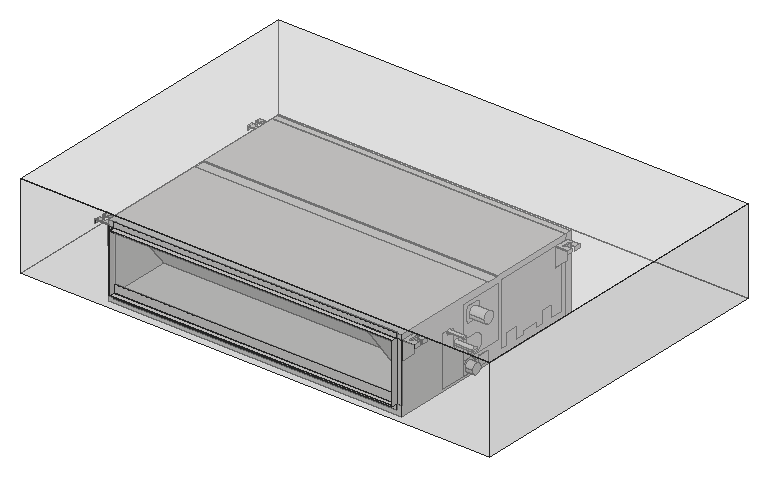
Revit family "outputfile", category 機械設備, Revit 2024
Family settings
  丸型コネクタ寸法 = 半径を使用
  パーツ タイプ = 標準
  OmniClass 番号 = 23.75.10.24.21.27.27
  OmniClass タイトル = Split System Air Conditioning Units
  作業面ベース = いいえ
  常に垂直 = はい
  ロード時にボイドで切り取り = いいえ
  注釈の向きを維持 = いいえ
  共有 = いいえ
  部屋計算ポイント = はい
Parameters (values of type "FDMFC71AV1M")
  Description = ""
  書き出し IFC クラス(タイプ) = "IfcUnitaryEquipmentType"
  定義済み IFC タイプ(タイプ) = "AIRCONDITIONINGUNIT"
  Cost = 0
  Type Comments = ""
  Keynote = ""
  Type Image = (empty or 0)
  Assembly Code = ""
  switch_frequency = yes
  connector_voltage = Voltage_50Hz  # 230 V
  connector_powerinput = [Power Input (Cooling)]  # 0.000 kW
  connector_phase = Phase_50Hz  # 1
  URL = ""
  Supply Air Direction [instance] = yes
  製造元 = "Daikin"
  モデル = "FDMFC71AV1M"
  w_pipe = 33 mm
  r_Liquid Pipe Size = Liquid Pipe Size / 2  # 4.75 mm
  r_Gas Pipe Size = Gas Pipe Size / 2  # 7.95 mm
  r_Drain Pipe Size = Drain Pipe Size / 2  # 16.0 mm
  lw_powersupply = Width / 2  # 500 mm
  lw_ductflange2 = 962 mm
  lw_Width = 962 mm
  lh_suctionflange [instance] = 100 mm
  ld_suctionflange [instance] = 190 mm
  ld_powersupply = 263 mm
  angle_vertical_RA [instance] = 90.00°
  angle horizontal_RA [instance] = 180.00°
  Voltage_comment_50Hz = "220 - 240"
  Voltage_50Hz = 230 V
  Sound Power Level_H speed (dB) = 0
  RA_length = 190 mm  # constant formula
  Phase_50Hz = 1
  Minimum External Static Pressure = 17.00 Pa
  Minimum Circuit Amps_50Hz = 0.0 A
  Maximum Fuse Amps_50Hz = 0.0 A
  Maximum External Static Pressure = 50.00 Pa
  Material_Casing = DAIKIN_GalvanizedSteel_Casing_indoorunit
  lw_liquidpipe = 557.9 mm
  lw_gaspipe = 567.5 mm
  lw_mountinghole_pitch = 1046 mm
  lw_mountinghole = 20 mm
  lw_drainpipe = 526 mm
  lh_powersupply = 43.2 mm
  lh_liquidpipe = 175 mm
  lh_gaspipe = 128 mm
  lh_mountinghole = Height + [h***] - 15 mm  # 235 mm
  lh_drainpipe = 29 mm
  lh_antena = (Height - lh_mountinghole) + 1 mm  # 16 mm
  ld_liquidpipe = 153 mm
  ld_gaspipe = 123 mm
  ld_mountinghole_pitch = 651 mm
  ld_drainpipe = 64 mm
  ld_controlbox = 626 mm
  h*** = 0 mm  # constant formula
  d_dischargeflange = 20 mm  # constant formula
  Width = 1000 mm
  Version = "ver.1.0"
  Unit Type = "Duct (M.S.P)"
  Unit Mass Weight = 31.00 kg
  Unit Designation [instance] = ""
  Uniclass2015Version = "Products v1.30"
  Uniclass2015Title = "Split coil room air conditioning units"
  Uniclass2015Code = "Pr_70_65_03_86"
  Total Cooling Capacity [instance] = 0.000 kW
  Sound Pressure Level_M speed (dBA) = 38
  Sound Pressure Level_L speed (dBA) = 35
  Sound Pressure Level_H speed (dBA) = 41
  Series = "SkyAir_Fan Coil Unit"
  Sensible Cooling Capacity [instance] = 0.000 kW
  SA Duct Size Width = 962 mm
  SA Duct Size Height = 200 mm
  Refrigerant Type = "R32"
  RA Duct Size Width = 962 mm
  RA Duct Size Height = 214 mm
  Power Input (Cooling) = 0.000 kW
  Option Accessory 3 [instance] = ""
  Option Accessory 2 [instance] = ""
  Option Accessory 1 [instance] = ""
  Nominal Cooling Capacity = 7.100 kW
  Minimum Airflow = 1190.00 m³/h
  Median Airflow = 1380.00 m³/h
  Maximum Airflow = 1610.00 m³/h
  Load Classification = HVAC
  Liquid Pipe Size = 9.5 mm
  Link_Nested Family [instance] = ""
  IfcVersion = ""
  IfcExportType = "AIRCONDITIONINGUNIT"
  IfcExportAs = "IfcUnitaryEquipmentType"
  Height = 250 mm
  Heat Exchanger Type = "Cross Fin Coil"
  Gas Pipe Size = 15.9 mm
  Frequency_50Hz = 50 Hz
  Fan Type = "Sirocco Fan"
  Fan Drive = "Direct Drive"
  FCU Tag No. [instance] = ""
  Drain Pipe Size = 32.0 mm
  Design Supply Airflow [instance] = 0.00 m³/h
  Design Return Airflow [instance] = 0.00 m³/h
  Design External Static Pressure [instance] = 0.00 Pa
  Depth = 700 mm
  既定の高さ = 0 mm
  Cooling Entering Wet Bulb Temperature [instance] = 0.00 °C
  Cooling Entering Dry Bulb Temperature [instance] = 0.00 °C
  Cooling Ambient Wet Bulb Temperature [instance] = 0.00 °C
  Cooling Ambient Dry Bulb Temperature [instance] = 0.00 °C
  Clearance visibility [instance] = yes
  Clearance Top = 20 mm
  Clearance Right = 300 mm
  Clearance Rear = 400 mm
  Clearance Left = 300 mm
  Clearance Front = 0 mm
  Clearance Bottom = 20 mm
Reference planes
  plane 1 "Center (Front/Back)": y = 0
  plane 2: z = 0
  plane 3 "Center (Left/Right)": x = 0
  plane 4 "Back": y = 350
  plane 5 "Front": y = -350
  plane 6 "Left": x = -500
  plane 7 "Right": x = 500
  plane 8 "Top": z = 0
  plane 9 "Bottom": z = -250
  plane 10: x = 481
  plane 11: x = -480.2
  plane 12: z = -72
  plane 13: z = -75
  plane 14: z = -122
  plane 15: x = -304
  plane 16: x = 304
  plane 17: x = -523
  plane 18: x = 523
  plane 19: x = 557.9
  plane 20: x = 567.5
  plane 21: z = -15
  plane 22 "Clearance Left": x = -800
  plane 23 "Clearance Right": x = 800
  plane 24 "Clearance Rear": y = 750
  plane 25 "Clearance Front": y = -350
  plane 26 "Clearance Bottom": z = -270
  plane 27: z = -21
  plane 28: z = -221
  plane 29: y = -123
  plane 30: y = -153
  plane 31: y = -30
  plane 32: y = -64
  plane 33: z = -118
  plane 34: y = -349.2
  plane 35: z = -150
  plane 36: y = 160
  plane 37: z = -151
  plane 38: x = 526
  plane 39: x = 495
  plane 40: x = 365.5
  plane 41: z = 102.5
  plane 42: y = 325.5
  plane 43: y = -325.5
  plane 44: y = 17.5
  plane 45: y = 57
  plane 46: x = 503.2
  plane 47: x = 505.2
  plane 48: y = -370
  plane 49: y = 390
  plane 50: z = -125
  plane 51: z = -70.5
  plane 52: z = -75.133
  plane 53: z = -75.5
  plane 54: z = -126.5
  plane 55: z = -239.8
  plane 56: z = -22.5
  plane 57: z = -192.5
  plane 58: z = -16
  plane 59 "Clearance Top": z = 20
  plane 60: z = -206.8
  plane 61: y = 263
  plane 62: y = -200
  plane 63: y = -300
  plane 64: y = -140
Forms (mm)
  Extrusion 1, solid, material "DAIKIN_GalvanizedSteel_Casing_indoorunit" <- "Material_Casing"
    sketch origin (0, 0, 0) x (1, 0, 0) y (0, 1, 0)
      loop
        line (-500, -349.2) -> (500, -349.2) -> (500, 350) -> (-500, 350) -> (-500, -349.2)
    from -250 to 0
  Extrusion 2, void
    sketch origin (0, 0, 1) x (1, 0, 0) y (0, 1, 0)
      loop
        line (-500, 57) -> (-500, 17.5) -> (500, 17.5) -> (500, 57) -> (-500, 57)
    from -1 to -5
  Extrusion 3, void
    sketch origin (0, 0, 0) x (0, 1, 0) y (0, 0, 1)
      loop
        line (-91.914, -222) -> (-91.914, -246.5) -> (-36.314, -246.5) -> (-36.314, -219.481)
        arc (-36.314, -219.481) -> (-65.261, -194.229) -> (-91.8, -222) r 27.8
    from 500 to 495
  Revolve 4, solid, material "DAIKIN_GalvanizedSteel_Casing_indoorunit" <- "Material_Casing"
    sketch origin (0, 0, -122) x (0, -1, 0) y (1, 0, 0)
      loop
        line (115.05, 500) -> (123, 500) -> (123, 567.5) -> (115.05, 567.5) -> (115.05, 500)
      axis (123, 500) -> (123, 567.5)
    angle from 0 to 360
  Revolve 5, solid, material "DAIKIN_GalvanizedSteel_Casing_indoorunit" <- "Material_Casing"
    sketch origin (0, 0, -75) x (0, -1, 0) y (1, 0, 0)
      loop
        line (153, 500) -> (153, 557.9) -> (148.25, 557.9) -> (148.25, 500) -> (153, 500)
      axis (153, 557.9) -> (153, 500)
    angle from 0 to 360
  Extrusion 6, solid, material "DAIKIN_GalvanizedSteel_Casing_indoorunit" <- "Material_Casing"
    sketch origin (0, 0, 0) x (0, 1, 0) y (0, 0, 1)
      loop
        circle (-64, -221) r 16
    from 526 to 500
  Extrusion 7, solid, material "DAIKIN_GalvanizedSteel_Casing_indoorunit" <- "Material_Casing"
    sketch origin (0, 0, 0) x (0, 1, 0) y (0, 0, 1)
      loop
        line (-180, -70.5) -> (-180, -239.8) -> (-95, -239.8) -> (-95, -126.5) -> (-107, -126.5)
        arc (-107, -126.5) -> (-121.5, -141) -> (-136, -126.5) r 14.5
        line (-136, -126.5) -> (-136, -75.5) -> (-141.006, -75.5)
        arc (-141.006, -75.5) -> (-153.184, -87.131) -> (-165, -75.133) r 12
        line (-165, -75.133) -> (-165, -70.5) -> (-180, -70.5)
      loop
        line (-92, -22.5) -> (-92, -192.5) -> (54, -192.5) -> (54, -22.5) -> (-92, -22.5)
      loop
        line (71, -16) -> (71, -224.802) -> (87.805, -224.802) -> (87.805, -184.607) -> (134.195, -184.606) -> (134.195, -224.802) -> (161, -224.802) -> (161, -212.302) -> (221, -212.303) -> (221, -224.802) -> (239.805, -224.802) -> (239.805, -184.606) -> (286.195, -184.606) -> (286.195, -224.802) -> (321.994, -224.802) -> (321.994, -82) -> (298.5, -82) -> (298.5, -16) -> (71, -16)
    from 500 to 503.2
  Extrusion 8, solid, material "DAIKIN_GalvanizedSteel_Casing_indoorunit" <- "Material_Casing"
    sketch origin (0, 0, 0) x (0, 1, 0) y (0, 0, 1)
      loop
        line (-27.5, -74.5) -> (-27.5, -41.5)
        arc (-27.5, -41.5) -> (-30.136, -35.136) -> (-36.5, -32.5) r 9
        line (-36.5, -32.5) -> (-69.5, -32.5)
        arc (-69.5, -32.5) -> (-75.864, -35.136) -> (-78.5, -41.5) r 9
        line (-78.5, -41.5) -> (-78.5, -74.5)
        arc (-78.5, -74.5) -> (-75.864, -80.864) -> (-69.5, -83.5) r 9
        line (-69.5, -83.5) -> (-36.5, -83.5)
        arc (-36.5, -83.5) -> (-30.136, -80.864) -> (-27.5, -74.5) r 9
      loop
        arc (8, -234.5) -> (9.415, -233.914) -> (10.001, -232.499) r 2.001
        line (10.001, -232.499) -> (9.997, -206.503)
        arc (9.997, -206.503) -> (9.412, -205.091) -> (8, -204.506) r 1.997
        line (8, -204.506) -> (-25.997, -204.506)
        arc (-25.997, -204.506) -> (-27.415, -205.094) -> (-28.002, -206.511) r 2.005
        line (-28.002, -206.511) -> (-28.002, -232.499)
        arc (-28.002, -232.499) -> (-27.416, -233.914) -> (-26.001, -234.5) r 2.001
        line (-26.001, -234.5) -> (8, -234.5)
      loop
        arc (-77.358, -152.358) -> (-25.548, -177.591) -> (-59.394, -130.95) r 29.7
        arc (-59.394, -130.95) -> (-62.843, -131.688) -> (-66.339, -131.219) r 10.3
        line (-66.339, -131.219) -> (-72.946, -129.136)
        arc (-72.946, -129.136) -> (-80.627, -131.374) -> (-81.498, -139.327) r 7.2
        line (-81.498, -139.327) -> (-78.299, -145.472)
        arc (-78.299, -145.472) -> (-77.23, -148.833) -> (-77.358, -152.358) r 10.3
    from 500 to 505.2
  Extrusion 9, solid, material "DAIKIN_GalvanizedSteel_Casing_indoorunit" <- "Material_Casing"
    sketch origin (0, 0, 0) x (0, 1, 0) y (0, 0, 1)
      loop
        circle (-53, -58) r 18.9
    from 500 to 557.9
  Extrusion 10, void
    sketch origin (0, 0, 0) x (0, 1, 0) y (0, 0, 1)
      loop
        line (-350, -18.8) -> (-350, -217.2) -> (-200, -217.2) -> (-349.2, -18.8) -> (-350, -18.8)
    from -480.2 to 481
  Extrusion 11, void
    sketch origin (0, 0, 0) x (0, 1, 0) y (0, 0, 1)
      loop
        line (-350, -18.8) -> (-350, -217.2) -> (-140, -217.2) -> (-300, -18.8) -> (-350, -18.8)
    from -480.2 to 365.5
Cuts and joins
  Extrusion 2, Extrusion 3, Extrusion 10, Extrusion 11 cuts Extrusion 1
  joined: Extrusion 7, Extrusion 8, Extrusion 9
Dimensions and locks
  "Height": plane 8 "Top" to plane 9 "Bottom"
  equal spacing: plane 15, plane 3 "Center (Left/Right)", plane 16, locked at 304 each
  locked: plane 15 to plane 16 at 608
  equal spacing: plane 17, plane 3 "Center (Left/Right)", plane 18
  "lw_mountinghole_pitch": plane 17 to plane 18
  locked: plane 12 to plane 9 "Bottom" at 178
  "lh_liquidpipe": plane 13 to plane 9 "Bottom"
  "lh_gaspipe": plane 14 to plane 9 "Bottom"
  "lh_mountinghole": plane 21 to plane 9 "Bottom"
  equal spacing: plane 6 "Left", plane 3 "Center (Left/Right)", plane 7 "Right"
  "Width": plane 6 "Left" to plane 7 "Right"
  "Clearance Right": plane 7 "Right" to plane 23 "Clearance Right"
  "Clearance Left": plane 22 "Clearance Left" to plane 6 "Left"
  "Clearance Rear": plane 24 "Clearance Rear" to plane 4 "Back"
  "Clearance Front": plane 5 "Front" to plane 25 "Clearance Front"
  locked: plane 8 "Top" to plane 27 at 21
  "Depth": plane 4 "Back" to plane 5 "Front"
  equal spacing: plane 4 "Back", plane 1 "Center (Front/Back)", plane 5 "Front"
  "ld_suctionflange": plane 4 "Back" to plane 36
  locked: plane 37 to plane 9 "Bottom" at 99
  plane 7 "Right" to plane 40 = 134.5 mm
  "r_Gas Pipe Size": nested 6 to Revolve 4 sketch curve
  "r_Liquid Pipe Size": nested 5 to Revolve 5 sketch curve
  equal spacing: plane 42, plane 1 "Center (Front/Back)", plane 43
  "ld_mountinghole_pitch": plane 42 to plane 43
  locked: plane 33 to plane 9 "Bottom" at 132
  "lw_liquidpipe": plane 3 "Center (Left/Right)" to plane 19
  "lw_gaspipe": plane 3 "Center (Left/Right)" to plane 20
  "lw_drainpipe": plane 3 "Center (Left/Right)" to plane 38
  "ld_drainpipe": plane 32 to plane 1 "Center (Front/Back)"
  "ld_gaspipe": plane 29 to plane 1 "Center (Front/Back)"
  "ld_liquidpipe": plane 30 to plane 1 "Center (Front/Back)"
  "lh_drainpipe": plane 28 to plane 9 "Bottom"
  locked: plane 7 "Right" to plane 46 at 3.2
  locked: plane 46 to plane 47 at 2
  equal spacing: plane 8 "Top", plane 50, plane 9 "Bottom"
  plane 51 to plane 52 to plane 53 to plane 54 to plane 55 = 4.633 mm locked, 0.367 mm locked, 51 mm locked, 113.3 mm locked
  plane 8 "Top" to plane 56 to plane 57 = 22.5 mm locked, 170 mm locked
  locked: plane 8 "Top" to plane 58 at 16
  locked: plane 40 to plane 10 at 115.5
  locked: plane 17 to plane 11 at 42.8
  locked: plane 39 to plane 7 "Right" at 5
  "Clearance Top": plane 59 "Clearance Top" to plane 8 "Top"
  "Clearance Bottom": plane 9 "Bottom" to plane 26 "Clearance Bottom"
  "lh_powersupply": plane 60 to plane 9 "Bottom"
  "ld_powersupply": plane 61 to plane 1 "Center (Front/Back)"
  locked: plane 34 to plane 5 "Front" at 0.8
  locked: plane 5 "Front" to plane 48 at 20
  locked: plane 5 "Front" to plane 62 at 150
  plane 5 "Front" to plane 63 to plane 64 = 50 mm locked, 160 mm locked
  "r_Drain Pipe Size": radius of Extrusion 6 sketch curve
  aligned and locked: level to plane 2
  aligned and locked: Extrusion 1 to plane 9 "Bottom"
  aligned and locked: plane 8 "Top" to Extrusion 1
  aligned and locked: Revolve 4 sketch curve to Revolve 4 sketch curve
  aligned and locked: plane 19 to nested 5
  aligned and locked: nested 5 to plane 13
  aligned and locked: plane 18 to nested 2
  aligned and locked: plane 17 to nested 3
  aligned and locked: plane 17 to nested 4
  aligned and locked: nested 6 to plane 14
  aligned and locked: plane 29 to nested 6
  aligned and locked: plane 30 to nested 5
  aligned and locked: Extrusion 6 sketch curve to plane 32
  aligned and locked: plane 8 "Top" to Extrusion 2
  aligned and locked: plane 24 "Clearance Rear" to nested 11
  aligned and locked: plane 23 "Clearance Right" to nested 11
  aligned and locked: plane 22 "Clearance Left" to nested 11
  aligned and locked: nested 11 to plane 25 "Clearance Front"
  aligned and locked: plane 7 "Right" to cut or joined group of Extrusion 1, Extrusion 2, Extrusion 3, Extrusion 10, Extrusion 11  (x3)
  aligned and locked: cut or joined group of Extrusion 1, Extrusion 2, Extrusion 3, Extrusion 10, Extrusion 11 to plane 39
  aligned and locked: plane 38 to Extrusion 6
  aligned and locked: plane 20 to nested 6
  aligned and locked: plane 3 "Center (Left/Right)" to nested 12
  aligned and locked: plane 18 to nested 1
  aligned and locked: plane 32 to nested 7
  aligned and locked: nested 7 to plane 28
  aligned and locked: plane 38 to nested 7
  aligned and locked: nested 9 to plane 1 "Center (Front/Back)"
  aligned and locked: plane 3 "Center (Left/Right)" to nested 9
  aligned and locked: plane 33 to nested 8
  aligned and locked: level to plane 8 "Top"
  aligned and locked: nested 1 to plane 42
  aligned and locked: nested 2 to plane 43
  aligned and locked: nested 4 to plane 42
  aligned and locked: nested 3 to plane 43
  aligned and locked: nested 12 to plane 21
  aligned and locked: cut or joined group of Extrusion 1, Extrusion 2, Extrusion 3, Extrusion 10, Extrusion 11 to plane 34
  aligned and locked: nested 13 to plane 33
  aligned and locked: Extrusion 2 sketch curve to plane 6 "Left"
  aligned and locked: plane 7 "Right" to Extrusion 2 sketch curve
  aligned and locked: plane 44 to Extrusion 2 sketch curve
  aligned and locked: plane 45 to Extrusion 2 sketch curve
  aligned and locked: plane 3 "Center (Left/Right)" to nested 10
  aligned and locked: nested 10 to plane 4 "Back"
  aligned and locked: plane 46 to Extrusion 7
  aligned and locked: Extrusion 7 to plane 7 "Right"
  aligned and locked: Extrusion 8 to plane 7 "Right"
  aligned and locked: plane 47 to Extrusion 8
  aligned and locked: plane 19 to Extrusion 9
  aligned and locked: Extrusion 9 to plane 7 "Right"
  aligned and locked: nested 8 to plane 48
  aligned and locked: plane 49 to nested 14
  aligned and locked: nested 14 to plane 3 "Center (Left/Right)"
  aligned and locked: nested 14 to plane 50
  aligned and locked: plane 54 to Extrusion 7 sketch curve  (x2)
  aligned and locked: plane 52 to Extrusion 7 sketch curve
  aligned and locked: plane 56 to Extrusion 7 sketch curve
  aligned and locked: plane 57 to Extrusion 7 sketch curve
  aligned and locked: plane 58 to Extrusion 7 sketch curve
  aligned and locked: plane 3 "Center (Left/Right)" to nested 13
  aligned and locked: plane 59 "Clearance Top" to nested 11
  aligned and locked: nested 11 to plane 26 "Clearance Bottom"
  aligned and locked: plane 7 "Right" to nested 15
  aligned and locked: nested 15 to plane 60
  aligned and locked: plane 34 to nested 13
  aligned and locked: plane 5 "Front" to Extrusion 10 sketch curve
  aligned and locked: cut or joined group of Extrusion 1, Extrusion 2, Extrusion 3, Extrusion 10, Extrusion 11 to plane 11  (x2)
  aligned and locked: plane 10 to cut or joined group of Extrusion 1, Extrusion 2, Extrusion 3, Extrusion 10, Extrusion 11
  aligned and locked: Extrusion 11 sketch curve to plane 5 "Front"
  aligned and locked: plane 63 to Extrusion 11 sketch curve
  aligned and locked: plane 64 to Extrusion 11 sketch curve
  aligned and locked: cut or joined group of Extrusion 1, Extrusion 2, Extrusion 3, Extrusion 10, Extrusion 11 to plane 40
  aligned and locked: Extrusion 6 to plane 7 "Right"
  aligned and locked: Revolve 4 to plane 7 "Right"
  aligned and locked: Revolve 5 to plane 7 "Right"
Automatic sketch dimensions
  Extrusion 1 sketch curve to plane 4 "Back" = 0 mm
  Extrusion 1 sketch curve to plane 6 "Left" = 0 mm
  Extrusion 1 sketch curve to plane 7 "Right" = 0 mm
  plane 34 to Extrusion 1 sketch curve = 0 mm
  Extrusion 6 sketch curve to plane 28 = 0 mm
  Revolve 4 sketch curve to plane 20 = 0 mm
  Revolve 4 sketch curve to plane 29 = 0 mm
  Revolve 4 sketch curve to Revolve 4 sketch curve = 2.003 mm
  plane 20 to Revolve 4 sketch curve = 1.003 mm
  Revolve 5 sketch curve to plane 30 = 0 mm  (x2)
  Revolve 5 sketch curve to plane 19 = 0 mm  (x2)
  Revolve 5 sketch curve to plane 7 "Right" = 0 mm
  Revolve 5 sketch curve to Revolve 5 sketch curve = 1 mm
  Revolve 4 sketch curve to plane 7 "Right" = 0 mm
  plane 9 "Bottom" to Extrusion 3 sketch curve = 3.5 mm
  Extrusion 3 sketch curve to plane 31 = 6.314 mm
  Extrusion 3 sketch curve to plane 28 = 1 mm  (x2)
  plane 32 to Extrusion 3 sketch curve = 0 mm
  Extrusion 3 sketch curve to Extrusion 3 sketch curve = 0.114 mm
  Extrusion 8 sketch curve to plane 32 = 14.5 mm
  plane 13 to Extrusion 8 sketch curve = 0.5 mm  (x2)
  Extrusion 8 sketch curve to plane 32 = 5.5 mm  (x2)
  Extrusion 8 sketch curve to plane 31 = 6.5 mm  (x2)
  Extrusion 8 sketch curve to plane 27 = 20.5 mm
  plane 31 to Extrusion 8 sketch curve = 1.998 mm
  Extrusion 8 sketch curve to Extrusion 8 sketch curve = 2.001 mm  (x2)
  Extrusion 8 sketch curve to Extrusion 8 sketch curve = 2.005 mm
  Extrusion 8 sketch curve to plane 1 "Center (Front/Back)" = 8 mm  (x2)
  plane 28 to Extrusion 8 sketch curve = 16.494 mm
  Extrusion 8 sketch curve to Extrusion 8 sketch curve = 1.994 mm
  Extrusion 8 sketch curve to Extrusion 8 sketch curve = 1.997 mm
  Extrusion 8 sketch curve to plane 32 = 17.498 mm
  Extrusion 8 sketch curve to plane 35 = 0.228 mm
  Extrusion 8 sketch curve to Extrusion 8 sketch curve = 5.937 mm
  plane 35 to Extrusion 8 sketch curve = 4.528 mm
  Extrusion 8 sketch curve to Extrusion 8 sketch curve = 3.199 mm
  Extrusion 8 sketch curve to Extrusion 8 sketch curve = 6.386 mm
  Extrusion 8 sketch curve to plane 14 = 7.136 mm
  Extrusion 8 sketch curve to Extrusion 8 sketch curve = 2.165 mm
  Extrusion 8 sketch curve to plane 32 = 2.339 mm
  plane 32 to Extrusion 8 sketch curve = 0.758 mm
  Extrusion 8 sketch curve to plane 37 = 7.5 mm
  plane 32 to Extrusion 8 sketch curve = 15.7 mm
  Extrusion 8 sketch curve to Extrusion 8 sketch curve = 6.145 mm
  Extrusion 8 sketch curve to Extrusion 8 sketch curve = 2.083 mm
  plane 14 to Extrusion 8 sketch curve = 0.604 mm
  Extrusion 8 sketch curve to Extrusion 8 sketch curve = 0 mm
  plane 32 to Extrusion 9 sketch curve = 11 mm
  plane 12 to Extrusion 9 sketch curve = 14 mm
  Extrusion 7 sketch curve to plane 30 = 0 mm
  Extrusion 7 sketch curve to plane 30 = 27 mm
  Extrusion 7 sketch curve to plane 13 = 0.5 mm
  Extrusion 7 sketch curve to Extrusion 7 sketch curve = 5.006 mm
  plane 12 to Extrusion 7 sketch curve = 1.5 mm
  Extrusion 7 sketch curve to Extrusion 7 sketch curve = 12 mm
  Extrusion 7 sketch curve to plane 30 = 12 mm
  plane 29 to Extrusion 7 sketch curve = 1.5 mm
  Extrusion 7 sketch curve to plane 32 = 28 mm
  Extrusion 7 sketch curve to Extrusion 7 sketch curve = 17 mm
  Extrusion 7 sketch curve to plane 28 = 3.802 mm  (x8)
  Extrusion 7 sketch curve to plane 42 = 27 mm
  Extrusion 7 sketch curve to plane 42 = 3.506 mm  (x2)
  Extrusion 7 sketch curve to plane 53 = 6.5 mm
  plane 57 to Extrusion 7 sketch curve = 7.893 mm
  Extrusion 7 sketch curve to Extrusion 7 sketch curve = 0 mm  (x2)
  plane 57 to Extrusion 7 sketch curve = 7.894 mm  (x2)
  plane 36 to Extrusion 7 sketch curve = 1 mm  (x2)
  plane 28 to Extrusion 7 sketch curve = 8.697 mm
  Extrusion 3 sketch curve to Extrusion 3 sketch curve = 27.914 mm
  Extrusion 7 sketch curve to plane 55 = 0 mm
  Extrusion 8 sketch curve to plane 28 = 11.499 mm
  Extrusion 7 sketch curve to Extrusion 7 sketch curve = 60 mm
  Extrusion 10 sketch curve to plane 34 = 0 mm
  plane 28 to Extrusion 10 sketch curve = 3.8 mm
  plane 27 to Extrusion 10 sketch curve = 2.2 mm
  Extrusion 10 sketch curve to plane 30 = 47 mm
  plane 28 to Extrusion 11 sketch curve = 3.8 mm
  plane 27 to Extrusion 11 sketch curve = 2.2 mm
  radius of Extrusion 9 sketch curve = 18.9 mm
Nested families
  nested 1: "daikin_mountinghole" at (523, 325.5, -250), l_antenna <- "lh_antena", Link_Nested Family <- "Link_Nested Family", h_mountinghole <- "lh_mountinghole", type "daikin_mountinghole"
    with show yes, l_antenna 16 mm, h_mountinghole 235 mm, Link_Nested Family ""
  nested 2: "daikin_mountinghole" at (523, -325.5, -250), Link_Nested Family <- "Link_Nested Family", l_antenna <- "lh_antena", h_mountinghole <- "lh_mountinghole", type "daikin_mountinghole"
    with show yes, l_antenna 16 mm, h_mountinghole 235 mm, Link_Nested Family ""
  nested 3: "daikin_mountinghole" at (-523, -325.5, -250), l_antenna <- "lh_antena", Link_Nested Family <- "Link_Nested Family", h_mountinghole <- "lh_mountinghole", type "daikin_mountinghole"
    with show yes, l_antenna 16 mm, h_mountinghole 235 mm, Link_Nested Family ""
  nested 4: "daikin_mountinghole" at (-523, 325.5, -250), l_antenna <- "lh_antena", Link_Nested Family <- "Link_Nested Family", h_mountinghole <- "lh_mountinghole", type "daikin_mountinghole"
    with show yes, l_antenna 16 mm, h_mountinghole 235 mm, Link_Nested Family ""
  nested 5: "daikin_connector_rotate2" at (0, -153, -75) x (0, 1, 0) z (0, 0, 1), length <- "lw_liquidpipe", built-in parameter 1001364 <- "lh_liquidpipe", radius <- "r_Liquid Pipe Size", type "daikin_connector_rotate2"
    with radius 4.75 mm, length 557.9 mm, angle_vertical 90.00°
  nested 6: "daikin_connector_rotate2" at (0, -123, -122) x (0, 1, 0) z (0, 0, 1), length <- "lw_gaspipe", built-in parameter 1001364 <- "lh_gaspipe", radius <- "r_Gas Pipe Size", type "daikin_connector_rotate2"
    with radius 7.95 mm, length 567.5 mm, angle_vertical 90.00°
  nested 7: "daikin_connector_rotate2" at (0, -64, -221) x (0, 1, 0) z (0, 0, 1), built-in parameter 1001364 <- "lh_drainpipe", length <- "lw_drainpipe", radius <- "r_Drain Pipe Size", type "daikin_connector_rotate2"
    with radius 16 mm, length 526 mm, angle_vertical 90.00°
  nested 8: "daikin_connector_rotate2" at (0, -350, -118), length <- "d_dischargeflange", type "daikin_connector_rotate2"
    with radius 10 mm, length 20 mm, angle_vertical 90.00°
  nested 9: "daikin_△_symbolicline" at (-75, -129.904, 250) x (-0.5, 0.866, 0) z (0, 0, 1), built-in parameter 1001364 <- "Height", visible <- "Supply Air Direction", type "daikin_△_symbolicline"
    with length 300 mm
  nested 10: "daikin_ductflange_FDMFC-AV1M_1" at (0, 350, -125), material <- "Material_Casing", width <- "lw_ductflange2", type "daikin_ductflange_FDMFC-AV1M_1"
    with width 962 mm, material DAIKIN_GalvanizedSteel_Casing_indoorunit, height 214 mm, depth 40 mm
  nested 11: "daikin_clearancespace" at (0, 200, -124.881), visible <- "Clearance visibility", show <- "Clearance visibility", Link_Nested Family <- "Link_Nested Family", type "daikin_clearancespace"
    with width 1600 mm, show yes, height 290 mm, depth 1100 mm, Link_Nested Family ""
  nested 12: "daikin_hangerfixture_FDMFC-AV1M" at (0, 0, -15), type "daikin_hangerfixture_FDMFC-AV1M"
    with width 1000 mm
  nested 13: "daikin_ductflange_FDMFC-AV1M" at (0, -35.7, -407.401), width <- "lw_Width", material <- "Material_Casing", type "daikin_ductflange_FDMFC-AV1M"
    with width 962 mm, material DAIKIN_GalvanizedSteel_Casing_indoorunit, height 200 mm, depth 20.8 mm
  nested 14: "daikin_connector_rotate2" at (0, 350, -125) x (-1, 0, 0) z (0, 0, 1), type "daikin_connector_rotate2"
    with radius 10 mm, length 40 mm, angle_vertical 90.00°
  nested 15: "daikin_connector_rotate2" at (0, 263, -206.8) x (0, 1, 0) z (0, 0, 1), length <- "lw_powersupply", built-in parameter 1001364 <- "lh_powersupply", type "daikin_connector_rotate2"
    with radius 10 mm, length 500 mm, angle_vertical 90.00°
Connectors
  piping at (567.5, -123, -122), diameter 15.9, driven by "r_Gas Pipe Size"
    settings: on nested 6, index 1, connector inside diameter 609.6 mm, connector length 0 mm, flow factor 0, pipe flow 0.00 m³/h, pressure drop 0.0 Pa, fitting loss kfactor 0, connector angle 0.00°, fixture units 0, engagement length 0 mm, angle of deflection 0.00°, flow configuration 1, flow direction 2, fitting loss method 0, system type 29, joint type 0, gender type 0, connector reference index -1, connector utility 0, adjustable connector no, is connector primary yes, connector description "Refrigerant Gas Piping"
  piping at (557.9, -153, -75), diameter 9.5, driven by "r_Liquid Pipe Size"
    settings: on nested 5, index 2, connector inside diameter 609.6 mm, connector length 0 mm, flow factor 0, pipe flow 0.00 m³/h, pressure drop 0.0 Pa, fitting loss kfactor 0, connector angle 0.00°, fixture units 0, engagement length 0 mm, angle of deflection 0.00°, flow configuration 1, flow direction 1, fitting loss method 0, system type 29, joint type 0, gender type 0, connector reference index -1, connector utility 0, adjustable connector no, is connector primary no, connector description "Refrigerant Liquid Piping"
  piping at (526, -64, -221), diameter 32, driven by "r_Drain Pipe Size"
    settings: on nested 7, index 3, connector inside diameter 609.6 mm, connector length 0 mm, flow factor 0, pipe flow 0.00 m³/h, pressure drop 0.0 Pa, fitting loss kfactor 0, connector angle 0.00°, fixture units 0, engagement length 0 mm, angle of deflection 0.00°, flow configuration 1, flow direction 2, fitting loss method 4, system type 16, joint type 0, gender type 0, connector reference index -1, connector utility 0, adjustable connector no, is connector primary no, connector description "Condensate Drain Piping"
  hvac at (0, -370, -118), driven by "SA Duct Size Height", driven by "SA Duct Size Width"
    settings: on nested 8, index 7, duct flow 0.00 m³/h, flow factor 0, pres drop 0.00 Pa, loss coef 0, conn angle 0.00°, conn width 962.0 mm, conn height 200.0 mm, conn diameter 609.6 mm, duct sys type 1, conn prof type 1, flow config 0, flow direction 2, loss method 4, conn ref index -1, conn util no, is conn primary yes, conn desc "SA Duct"
  hvac at (0, 390, -125), driven by "RA Duct Size Width", driven by "RA Duct Size Height"
    settings: on nested 14, index 8, duct flow 0.00 m³/h, flow factor 0, pres drop 0.00 Pa, loss coef 0, conn angle 0.00°, conn width 962.0 mm, conn height 214.0 mm, conn diameter 609.6 mm, duct sys type 2, conn prof type 1, flow config 0, flow direction 1, loss method 4, conn ref index -1, conn util no, is conn primary no, conn desc "RA Duct"
  electrical at (500, 263, -206.8), driven by "Load Classification", driven by "connector_powerinput", driven by "connector_voltage", driven by "connector_phase"
    settings: on nested 15, index 9, voltage 230 V, apparent load 0 VA, apparent load phase1 0 VA, apparent load phase2 0 VA, apparent load phase3 0 VA, power factor 1, load classification "HVAC", number of poles 1, system type 30, power factor state 1, is connector primary yes, connector utility no, sub classification motor no, connector description "Power Supply"
Definition of nested family "daikin_ductflange_FDMFC-AV1M_1"
  Parameters (values of type "daikin_ductflange_FXDQ-NDVET2")
    width [instance] = 662 mm
    material [instance] = none
    height [instance] = 214 mm
    depth [instance] = 40 mm
    Default Elevation = 0 mm
  Reference planes
    plane 1 "Center (Front/Back)": y = 0
    plane 2: z = 0
    plane 3 "Center (Left/Right)": x = 0
    plane 4: x = -331
    plane 5: x = 331
    plane 6: z = 107
    plane 7: z = -107
    plane 8: x = -350
    plane 9: x = 350
    plane 10: z = 124
    plane 11: z = -124
    plane 12: y = 20
    plane 13: x = -330.2
    plane 14: x = 330.2
    plane 15: z = 106.2
    plane 16: z = -106.2
    plane 17: y = 40
    plane 18: x = -330.2
    plane 19: z = 106.2
    plane 20: z = -106.2
    plane 21: x = 330.2
  Forms (mm)
    Extrusion 1, solid, material <- "material"
      sketch origin (0, 0, 0) x (1, 0, 0) y (0, 0, 1)
        loop
          line (-330.2, 106.2) -> (-330.2, -106.2) -> (330.2, -106.2) -> (330.2, 106.2) -> (-330.2, 106.2)
        loop
          line (-350, 124) -> (-350, -124) -> (350, -124) -> (350, 124) -> (-350, 124)
      from 0 to -20
    Extrusion 2, solid, material <- "material"
      sketch origin (0, 0, 0) x (1, 0, 0) y (0, 0, 1)
        loop
          line (-331, 107) -> (-331, -107) -> (331, -107) -> (331, 107) -> (-331, 107)
        loop
          line (-330.2, 106.2) -> (-330.2, -106.2) -> (330.2, -106.2) -> (330.2, 106.2) -> (-330.2, 106.2)
      from -40 to -20
  Cuts and joins
    joined: Extrusion 1, Extrusion 2
  Dimensions and locks
    equal spacing: plane 5, plane 3 "Center (Left/Right)", plane 4
    "width": plane 5 to plane 4
    equal spacing: plane 6, level, plane 7
    "height": plane 6 to plane 7
    locked: plane 4 to plane 8 at 19
    locked: plane 9 to plane 5 at 19
    locked: plane 10 to plane 6 at 17
    locked: plane 7 to plane 11 at 17
    locked: plane 1 "Center (Front/Back)" to plane 12 at 20
    locked: plane 13 to plane 4 at 0.8
    locked: plane 5 to plane 14 at 0.8
    locked: plane 6 to plane 15 at 0.8
    locked: plane 16 to plane 7 at 0.8
    locked: plane 12 to plane 17 at 20
    locked: plane 18 to plane 4 at 0.8
    locked: plane 5 to plane 21 at 0.8
    locked: plane 6 to plane 19 at 0.8
    locked: plane 20 to plane 7 at 0.8
    locked: plane 1 "Center (Front/Back)" to plane 17 at 40
    aligned and locked: level to plane 2
    aligned and locked: Extrusion 1 sketch curve to plane 10
    aligned and locked: plane 8 to Extrusion 1 sketch curve
    aligned and locked: Extrusion 1 sketch curve to plane 9
    aligned and locked: Extrusion 1 to plane 12
    aligned and locked: plane 1 "Center (Front/Back)" to Extrusion 1
    aligned and locked: Extrusion 1 sketch curve to plane 15
    aligned and locked: plane 13 to Extrusion 1 sketch curve
    aligned and locked: plane 16 to Extrusion 1 sketch curve
    aligned and locked: plane 11 to Extrusion 1 sketch curve
    aligned and locked: Extrusion 1 sketch curve to plane 14
    aligned and locked: Extrusion 2 sketch curve to plane 6
    aligned and locked: plane 4 to Extrusion 2 sketch curve
    aligned and locked: plane 7 to Extrusion 2 sketch curve
    aligned and locked: Extrusion 2 sketch curve to plane 5
    aligned and locked: Extrusion 2 sketch curve to Extrusion 1  (x4)
    aligned and locked: Extrusion 2 to plane 17
    aligned and locked: Extrusion 2 to Extrusion 1
  Automatic sketch dimensions
    Extrusion 1 sketch curve to plane 10 = 0 mm
Definition of nested family "daikin_clearancespace"
  Parameters (values of type "daikin_clearancespace")
    Description = "daikin_clearancespace"
    width [instance] = 1823.963 mm
    show [instance] = yes
    material = none
    height [instance] = 1359.762 mm
    depth [instance] = 880 mm
    Default Elevation = 0 mm
    Link_Nested Family [instance] = ""
  Reference planes
    plane 1 "Center (Front/Back)": y = 0
    plane 2 "Center (Elevation)": z = -0.119
    plane 3 "Center (Left/Right)": x = 0
    plane 4: y = 440
    plane 5: y = -440
    plane 6 "Right": x = 911.982
    plane 7 "Left": x = -911.982
    plane 8 "Top": z = 679.762
    plane 9 "Bottom": z = -680
  Forms (mm)
    Extrusion 1, solid, material <- "material", visible <- "show"
      sketch origin (0, 0, 0) x (1, 0, 0) y (0, 1, 0)
        loop
          line (-911.982, 440) -> (-911.982, -440) -> (911.982, -440) -> (911.982, 440) -> (-911.982, 440)
      from -680 to 679.762
  Lines and regions (mm)
    symbolic lines, visible <- "show"
      curve 1: line (911.982, 440, 0) -> (-911.982, 440, 0)
      curve 2: line (-911.982, 440, 0) -> (-911.982, -440, 0)
      curve 3: line (-911.982, -440, 0) -> (911.982, -440, 0)
      curve 4: line (911.982, -440, 0) -> (911.982, 440, 0)
      curve 5: line (911.982, 0, 679.762) -> (-911.982, 0, 679.762)
      curve 6: line (911.982, 0, -680) -> (911.982, 0, 679.762)
      curve 7: line (-911.982, 0, -680) -> (911.982, 0, -680)
      curve 8: line (-911.982, 0, 679.762) -> (-911.982, 0, -680)
      curve 9: line (0, 440, 679.762) -> (0, -440, 679.762)
      curve 10: line (0, -440, 679.762) -> (0, -440, -680)
      curve 11: line (0, 440, -680) -> (0, 440, 679.762)
      curve 12: line (0, -440, -680) -> (0, 440, -680)
  Dimensions and locks
    "width": plane 7 "Left" to plane 6 "Right"
    "depth": plane 4 to plane 5
    "height": plane 8 "Top" to plane 9 "Bottom"
    equal spacing: plane 7 "Left", plane 3 "Center (Left/Right)", plane 6 "Right"
    equal spacing: plane 4, plane 1 "Center (Front/Back)", plane 5
    equal spacing: plane 8 "Top", plane 2 "Center (Elevation)", plane 9 "Bottom"
    aligned and locked: level to plane 2 "Center (Elevation)"
    aligned and locked: Extrusion 1 sketch curve to plane 4
    aligned and locked: plane 7 "Left" to Extrusion 1 sketch curve
    aligned and locked: Extrusion 1 sketch curve to plane 5
    aligned and locked: Extrusion 1 sketch curve to plane 6 "Right"
    aligned and locked: plane 8 "Top" to Extrusion 1
    aligned and locked: curve 1 to Extrusion 1
    aligned and locked: curve 2 to Extrusion 1
    aligned and locked: curve 3 to Extrusion 1
    aligned and locked: curve 4 to Extrusion 1
    aligned and locked: curve 5 to Extrusion 1
    aligned and locked: curve 6 to Extrusion 1
    aligned and locked: curve 7 to Extrusion 1
    aligned and locked: curve 8 to Extrusion 1
    aligned and locked: curve 9 to Extrusion 1
    aligned and locked: curve 10 to Extrusion 1
    aligned and locked: curve 11 to Extrusion 1
    aligned and locked: curve 12 to Extrusion 1
    aligned and locked: Extrusion 1 to plane 9 "Bottom"
Definition of nested family "daikin_hangerfixture_FDMFC-AV1M"
  Parameters (values of type "daikin_hangerfixture_FDMFC-AV1M")
    width = 700 mm
    material = none
    height = 65 mm
    depth = 700 mm
    Default Elevation = 0 mm
  Reference planes
    plane 1 "Center (Front/Back)": y = 0
    plane 2: z = 0
    plane 3 "Center (Left/Right)": x = 0
    plane 4: x = 350
    plane 5: y = 350
    plane 6: y = -350
    plane 7: x = -350
    plane 8: z = -65
    plane 9: y = 325.5
    plane 10: y = -325.5
    plane 11: y = 302
    plane 12: y = -302
    plane 13: x = 373
    plane 14: x = -373
  Forms (mm)
    Extrusion 1, void
      sketch origin (0, 0, 0) x (-1, 0, 0) y (0, -1, 0)
        loop
          arc (366.995, -334.5) -> (373, -340.5) -> (378.995, -334.489) r 6
          line (378.995, -334.489) -> (378.995, -333)
          arc (378.995, -333) -> (379.288, -332.293) -> (379.995, -332) r 1
          line (379.995, -332) -> (394.995, -332) -> (394.995, -319) -> (379.995, -319)
          arc (379.995, -319) -> (379.288, -318.707) -> (378.995, -318) r 1
          line (378.995, -318) -> (378.995, -316.464)
          arc (378.995, -316.464) -> (372.977, -310.5) -> (366.995, -316.5) r 6
          line (366.995, -316.5) -> (366.995, -334.5)
        loop
          line (367.28, 334.5) -> (367.28, 316.5)
          arc (367.28, 316.5) -> (373, 310.507) -> (379.254, 315.94) r 6
          line (379.254, 315.94) -> (379.254, 318)
          arc (379.254, 318) -> (379.547, 318.707) -> (380.254, 319) r 1
          line (380.254, 319) -> (395.254, 319) -> (395.254, 332) -> (380.254, 332)
          arc (380.254, 332) -> (379.547, 332.293) -> (379.254, 333) r 1
          line (379.254, 333) -> (379.254, 334.5)
          arc (379.254, 334.5) -> (373.267, 340.487) -> (367.28, 334.5) r 5.987
      from -254.96 to 618
    Extrusion 2, solid, material <- "material"
      sketch origin (0, 0, 0) x (-1, 0, 0) y (0, 0, 1)
        loop
          line (350, 0) -> (350, -65) -> (352.3, -65) -> (352.3, -2.3) -> (392.7, -2.3) -> (392.7, -12) -> (395, -12) -> (395, 0) -> (350, 0)
      from -349.5 to -301.5
    Extrusion 3, solid, material <- "material"
      sketch origin (0, 0, 0) x (1, 0, 0) y (0, 0, 1)
        loop
          line (350, 0) -> (350, -65) -> (352.3, -65) -> (352.3, -2.3) -> (392.7, -2.3) -> (392.7, -12) -> (395, -12) -> (395, 0) -> (350, 0)
      from -349.5 to -301.5
    Extrusion 4, void
      sketch origin (0, 0, 0) x (1, 0, 0) y (0, 1, 0)
        loop
          line (366.995, 334.5) -> (366.995, 316.5)
          arc (366.995, 316.5) -> (372.977, 310.5) -> (378.995, 316.464) r 6
          line (378.995, 316.464) -> (378.995, 318)
          arc (378.995, 318) -> (379.288, 318.707) -> (379.995, 319) r 1
          line (379.995, 319) -> (394.995, 319) -> (394.995, 332) -> (379.995, 332)
          arc (379.995, 332) -> (379.288, 332.293) -> (378.995, 333) r 1
          line (378.995, 333) -> (378.995, 334.489)
          arc (378.995, 334.489) -> (373, 340.5) -> (366.995, 334.5) r 6
        loop
          arc (367.026, -334.5) -> (373.026, -340.5) -> (379.026, -334.5) r 6
          line (379.026, -334.5) -> (379.026, -333)
          arc (379.026, -333) -> (379.319, -332.293) -> (380.026, -332) r 1
          line (380.026, -332) -> (395.026, -332) -> (395.026, -319) -> (380.026, -319)
          arc (380.026, -319) -> (379.319, -318.707) -> (379.026, -318) r 1
          line (379.026, -318) -> (379.026, -316.448)
          arc (379.026, -316.448) -> (373, -310.5) -> (367.026, -316.5) r 6
          line (367.026, -316.5) -> (367.026, -334.5)
      from -254.96 to 618
    Extrusion 5, solid, material <- "material"
      sketch origin (0, 0, 0) x (1, 0, 0) y (0, 0, -1)
        loop
          line (350, 0) -> (395, 0) -> (395, 12) -> (392.7, 12) -> (392.7, 2.3) -> (352.3, 2.3) -> (352.3, 65) -> (350, 65) -> (350, 0)
      from -349.5 to -301.5
    Extrusion 6, solid, material <- "material"
      sketch origin (0, 0, 0) x (-1, 0, 0) y (0, 0, -1)
        loop
          line (350, 0) -> (395, 0) -> (395, 12) -> (392.7, 12) -> (392.7, 2.3) -> (352.3, 2.3) -> (352.3, 65) -> (350, 65) -> (350, 0)
      from -349.5 to -301.5
  Cuts and joins
    Extrusion 1 cuts Extrusion 2
    Extrusion 4 cuts Extrusion 3
    Extrusion 4 cuts Extrusion 5
    Extrusion 1 cuts Extrusion 6
  Dimensions and locks
    equal spacing: plane 5, plane 1 "Center (Front/Back)", plane 6
    "depth": plane 5 to plane 6
    plane 6 to plane 1 "Center (Front/Back)" to plane 5 = 350 mm, 350 mm
    equal spacing: plane 4, plane 3 "Center (Left/Right)", plane 7
    "width": plane 4 to plane 7
    "height": level to plane 8
    equal spacing: plane 10, plane 1 "Center (Front/Back)", plane 9
    plane 10 to plane 9 = 651 mm
    plane 5 to plane 11 = 48 mm
    plane 12 to plane 6 = 48 mm
    locked: plane 7 to plane 14 at 23
    locked: plane 13 to plane 4 at 23
    plane 14 to plane 13 = 746 mm
    aligned and locked: level to plane 2
  Automatic sketch dimensions
    Extrusion 1 sketch curve to plane 7 = 17.28 mm
    Extrusion 1 sketch curve to plane 7 = 16.995 mm
    Extrusion 1 sketch curve to Extrusion 1 sketch curve = 5.987 mm  (x2)
    Extrusion 1 sketch curve to Extrusion 1 sketch curve = 6 mm  (x5)
    Extrusion 1 sketch curve to Extrusion 1 sketch curve = 5.974 mm
    Extrusion 1 sketch curve to Extrusion 1 sketch curve = 1 mm  (x5)
    plane 9 to Extrusion 1 sketch curve = 6.5 mm
    Extrusion 1 sketch curve to Extrusion 1 sketch curve = 15 mm  (x2)
    plane 10 to Extrusion 1 sketch curve = 6.5 mm
    Extrusion 1 sketch curve to plane 9 = 6.5 mm
    Extrusion 1 sketch curve to Extrusion 1 sketch curve = 1.49 mm
    plane 9 to Extrusion 1 sketch curve = 9 mm
    Extrusion 1 sketch curve to plane 10 = 9.56 mm
    Extrusion 1 sketch curve to Extrusion 1 sketch curve = 2.06 mm
    Extrusion 1 sketch curve to plane 10 = 6.5 mm
    Extrusion 1 sketch curve to Extrusion 1 sketch curve = 1.5 mm
    Extrusion 1 sketch curve to Extrusion 1 sketch curve = 0 mm  (x4)
    Extrusion 2 sketch curve to plane 7 = 0 mm
    Extrusion 2 sketch curve to plane 8 = 0 mm
    Extrusion 2 sketch curve to level = 0 mm
    Extrusion 2 sketch curve to plane 7 = 2.3 mm
    Extrusion 2 sketch curve to level = 2.3 mm
    Extrusion 2 sketch curve to Extrusion 2 sketch curve = 40.4 mm
    Extrusion 2 sketch curve to Extrusion 2 sketch curve = 2.3 mm
    Extrusion 2 sketch curve to Extrusion 2 sketch curve = 9.7 mm
    Extrusion 3 sketch curve to plane 4 = 0 mm
    Extrusion 3 sketch curve to plane 8 = 0 mm
    Extrusion 3 sketch curve to level = 0 mm
    plane 4 to Extrusion 3 sketch curve = 2.3 mm
    Extrusion 3 sketch curve to level = 2.3 mm
    Extrusion 3 sketch curve to Extrusion 3 sketch curve = 40.4 mm
    Extrusion 3 sketch curve to Extrusion 3 sketch curve = 2.3 mm
    Extrusion 3 sketch curve to Extrusion 3 sketch curve = 9.7 mm
    plane 4 to Extrusion 4 sketch curve = 17.026 mm
    plane 4 to Extrusion 4 sketch curve = 16.995 mm
    Extrusion 4 sketch curve to Extrusion 4 sketch curve = 6 mm  (x8)
    Extrusion 4 sketch curve to Extrusion 4 sketch curve = 1 mm  (x6)
    plane 9 to Extrusion 4 sketch curve = 6.5 mm
    Extrusion 4 sketch curve to Extrusion 4 sketch curve = 15 mm  (x2)
    plane 10 to Extrusion 4 sketch curve = 6.5 mm
    Extrusion 4 sketch curve to Extrusion 4 sketch curve = 1.5 mm
    Extrusion 4 sketch curve to plane 10 = 6.5 mm
    Extrusion 4 sketch curve to plane 10 = 9 mm
    Extrusion 4 sketch curve to Extrusion 4 sketch curve = 2.536 mm
    Extrusion 4 sketch curve to plane 9 = 6.5 mm
    Extrusion 4 sketch curve to Extrusion 4 sketch curve = 1.49 mm
    Extrusion 4 sketch curve to Extrusion 4 sketch curve = 0 mm  (x4)
    Extrusion 5 sketch curve to plane 4 = 0 mm
    Extrusion 5 sketch curve to plane 8 = 0 mm
    Extrusion 5 sketch curve to level = 0 mm
    plane 4 to Extrusion 5 sketch curve = 2.3 mm
    Extrusion 5 sketch curve to level = 2.3 mm
    Extrusion 5 sketch curve to Extrusion 5 sketch curve = 40.4 mm
    Extrusion 5 sketch curve to Extrusion 5 sketch curve = 2.3 mm
    Extrusion 5 sketch curve to Extrusion 5 sketch curve = 9.7 mm
    Extrusion 6 sketch curve to plane 7 = 0 mm
    Extrusion 6 sketch curve to plane 8 = 0 mm
    Extrusion 6 sketch curve to level = 0 mm
    Extrusion 6 sketch curve to plane 7 = 2.3 mm
    Extrusion 6 sketch curve to level = 2.3 mm
    Extrusion 6 sketch curve to Extrusion 6 sketch curve = 40.4 mm
    Extrusion 6 sketch curve to Extrusion 6 sketch curve = 2.3 mm
    Extrusion 6 sketch curve to Extrusion 6 sketch curve = 9.7 mm
Definition of nested family "daikin_ductflange_FDMFC-AV1M"
  Parameters (values of type "daikin_ductflange_FXDQ-NDVET")
    width [instance] = 962 mm
    material [instance] = none
    height [instance] = 200 mm
    depth [instance] = 20.8 mm
    Default Elevation = 0 mm
  Reference planes
    plane 1 "Center (Front/Back)": y = 0
    plane 2: z = 189.401
    plane 3 "Center (Left/Right)": x = 0
    plane 4: y = -313.5
    plane 5: y = -334.3
    plane 6: z = 389.401
    plane 7: z = 289.401
    plane 8: z = 388.601
    plane 9: z = 190.201
    plane 10: x = -481
    plane 11: x = 481
    plane 12: y = -314.3
    plane 13: x = -480.2
    plane 14: x = 480.2
    plane 15: x = -500
    plane 16: x = 500
  Forms (mm)
    Extrusion 1, solid, material <- "material"
      sketch origin (0, 0, 189.401) x (1, 0, 0) y (0, 1, 0)
        loop
          line (480.2, -334.3) -> (481, -334.3) -> (481, -314.3) -> (500, -314.3) -> (500, -313.5) -> (480.2, -313.5) -> (480.2, -334.3)
        loop
          line (-480.2, -334.3) -> (-480.2, -313.5) -> (-500, -313.5) -> (-500, -314.3) -> (-481, -314.3) -> (-481, -334.3) -> (-480.2, -334.3)
      from 0 to 200
    Extrusion 2, solid, material <- "material"
      sketch origin (0, 0, 0) x (0, 1, 0) y (0, 0, 1)
        loop
          line (-313.5, 388.601) -> (-313.5, 407.401) -> (-314.3, 407.401) -> (-314.3, 389.401) -> (-334.3, 389.401) -> (-334.3, 388.601) -> (-313.5, 388.601)
        loop
          line (-313.5, 190.201) -> (-334.3, 190.201) -> (-334.3, 189.401) -> (-314.3, 189.401) -> (-314.3, 171.401) -> (-313.5, 171.401) -> (-313.5, 190.201)
      from -481 to 481
    Extrusion 3, solid, material <- "material"
      sketch origin (0, 0, 0) x (0, 1, 0) y (0, 0, 1)
        loop
          line (-314.3, 218.401) -> (-314.3, 189.401) -> (-313.5, 189.401) -> (-313.5, 218.401) -> (-314.3, 218.401)
      from -481 to 481
  Cuts and joins
    joined: Extrusion 1, Extrusion 2, Extrusion 3
  Dimensions and locks
    plane 4 to plane 1 "Center (Front/Back)" = 313.5 mm
    "depth": plane 5 to plane 4
    equal spacing: plane 6, plane 7, level
    plane 6 to plane 8 = 0.8 mm
    locked: plane 9 to level at 0.8
    "height": plane 6 to level
    equal spacing: plane 11, plane 3 "Center (Left/Right)", plane 10
    "width": plane 11 to plane 10
    locked: plane 4 to plane 12 at 0.8
    plane 14 to plane 11 to plane 16 = 0.8 mm locked, 19 mm locked
    plane 15 to plane 10 to plane 13 = 19 mm locked, 0.8 mm locked
    aligned and locked: level to plane 2
    aligned and locked: Extrusion 2 to plane 9
    aligned and locked: Extrusion 2 to plane 8
    aligned and locked: plane 6 to Extrusion 1
    aligned and locked: Extrusion 1 to level
    aligned and locked: level to Extrusion 2 sketch curve
    aligned and locked: Extrusion 1 sketch curve to plane 15
    aligned and locked: Extrusion 1 sketch curve to plane 12
    aligned and locked: plane 4 to Extrusion 1 sketch curve
    aligned and locked: Extrusion 1 sketch curve to plane 10
    aligned and locked: plane 13 to Extrusion 1 sketch curve
    aligned and locked: plane 14 to Extrusion 1 sketch curve
    aligned and locked: Extrusion 1 sketch curve to plane 11
    aligned and locked: Extrusion 1 sketch curve to plane 16
    aligned and locked: Extrusion 1 sketch curve to plane 4
    aligned and locked: plane 12 to Extrusion 1 sketch curve
    aligned and locked: cut or joined group of Extrusion 1, Extrusion 2, Extrusion 3 to plane 10  (x2)
    aligned and locked: plane 11 to cut or joined group of Extrusion 1, Extrusion 2, Extrusion 3  (x2)
  Automatic sketch dimensions
    Extrusion 2 sketch curve to plane 5 = 0 mm  (x2)
    Extrusion 2 sketch curve to plane 4 = 0 mm  (x2)
    Extrusion 2 sketch curve to plane 9 = 0 mm
    Extrusion 2 sketch curve to plane 8 = 0 mm
    Extrusion 2 sketch curve to plane 4 = 0.8 mm  (x2)
    plane 6 to Extrusion 2 sketch curve = 18 mm
    Extrusion 2 sketch curve to level = 18 mm
    Extrusion 2 sketch curve to plane 6 = 0 mm
    Extrusion 3 sketch curve to level = 0 mm
    Extrusion 3 sketch curve to plane 4 = 0 mm
    Extrusion 3 sketch curve to Extrusion 3 sketch curve = 0.8 mm
    plane 9 to Extrusion 3 sketch curve = 28.2 mm
    Extrusion 1 sketch curve to plane 5 = 0 mm  (x2)
Definition of nested family "daikin_mountinghole"
  Parameters (values of type "daikin_mountinghole")
    Default Elevation = 1219.2 mm
    Type Comments = "mountinghole"
    show [instance] = yes
    material = none
    l_centerline = 100 mm
    l_antenna [instance] = 100 mm
    h_mountinghole [instance] = 0 mm
    d_circle = 30 mm
    Link_Nested Family [instance] = ""
  Reference planes
    plane 1 "Center (Front/Back)": y = 0
    plane 2: z = 0
    plane 3 "Center (Left/Right)": x = 0
    plane 4: y = 50
    plane 5: x = -50
    plane 6: x = 50
    plane 7: y = -50
    plane 8 "h_mountinghole": z = 0
    plane 9: z = 100
  Lines and regions (mm)
    model lines, detail levels fine
      curve 1: circle (0, 0, 0) r 15 normal (0, 0, 1)
      curve 2: line (-50, 0, 0) -> (50, 0, 0)
      curve 3: line (0, 50, 0) -> (0, -50, 0)
    symbolic lines, detail levels fine
      curve 4: circle (0, 0, 0) r 15 normal (0, 0, 1)
      curve 5: line (-50, 0, 0) -> (50, 0, 0)
      curve 6: line (0, 50, 0) -> (0, -50, 0)
    model lines
      curve 7: line (0, 0, 100) -> (0, 0, 0)
  Dimensions and locks
    equal spacing: plane 4, plane 1 "Center (Front/Back)", plane 7
    "l_centerline": plane 4 to plane 7
    equal spacing: plane 5, plane 3 "Center (Left/Right)", plane 6
    "l_centerline": plane 5 to plane 6
    "l_antenna": plane 9 to plane 8 "h_mountinghole"
    "h_mountinghole": plane 8 "h_mountinghole" to plane 2
    "d_circle": diameter of curve 1
    "d_circle": diameter of curve 4
    aligned and locked: level to plane 2
    aligned and locked: plane 1 "Center (Front/Back)" to curve 1
    aligned and locked: plane 3 "Center (Left/Right)" to curve 1
    aligned and locked: plane 1 "Center (Front/Back)" to curve 2
    aligned and locked: curve 3 to plane 3 "Center (Left/Right)"
    aligned and locked: plane 6 to curve 2
    aligned and locked: plane 5 to curve 2
    aligned and locked: plane 4 to curve 3
    aligned and locked: plane 7 to curve 3
    aligned and locked: plane 1 "Center (Front/Back)" to curve 4
    aligned and locked: plane 3 "Center (Left/Right)" to curve 4
    aligned and locked: plane 6 to curve 5
    aligned and locked: plane 5 to curve 5
    aligned and locked: plane 1 "Center (Front/Back)" to curve 5
    aligned and locked: plane 4 to curve 6
    aligned and locked: plane 7 to curve 6
    aligned and locked: curve 6 to plane 3 "Center (Left/Right)"
    aligned and locked: curve 7 to plane 3 "Center (Left/Right)"
    aligned and locked: plane 9 to curve 7
    aligned and locked: plane 8 "h_mountinghole" to curve 7
Definition of nested family "daikin_connector_rotate2"
  Parameters (values of type "daikin_connector_rotate2")
    show_face = no
    radius [instance] = 10 mm
    length [instance] = 600 mm
    d_surface = 10 mm
    angle_vertical [instance] = 90.00°
    Default Elevation = 0 mm
  Reference planes
    plane 1 "Center (Front/Back)": y = 0
    plane 2: z = 0
    plane 3 "Center (Left/Right)": x = 0
  Forms (mm)
    Extrusion 1, solid, visible <- "show_face"
      sketch origin (0, -600, 0) x (1, 0, 0) y (0, 0, 1)
        loop
          circle (0, 0) r 10
      from 0 to -10
  Lines and regions (mm)
    reference lines
      curve 1: line (0, 0, 0) -> (0, -600, 0)
    symbolic lines
      curve 2: circle (0, 0, 0) r 5 normal (0, 0, 1)
    model lines, visible <- "show_face"
      curve 3: line (0, 0, 0) -> (0, -600, 0)
  Dimensions and locks
    "length": curve 1 to curve 1
    "length": curve 3 to curve 3
    "d_surface": Extrusion 1 to Extrusion 1
    "radius": radius of Extrusion 1 sketch curve
    "angle_vertical": angle curve 1 to plane 1 "Center (Front/Back)"
    "angle_vertical": angle curve 3 to plane 1 "Center (Front/Back)"
    aligned and locked: level to plane 2
    aligned and locked: plane 1 "Center (Front/Back)" to curve 1
    aligned and locked: plane 2 to curve 1
    aligned and locked: plane 1 "Center (Front/Back)" to curve 2
    aligned and locked: plane 3 "Center (Left/Right)" to curve 2
    aligned and locked: plane 1 "Center (Front/Back)" to curve 3
    aligned and locked: plane 2 to curve 3
    aligned and locked: Extrusion 1 to Extrusion 1
  Automatic sketch dimensions
    Extrusion 1 sketch curve to level = 0 mm
    Extrusion 1 sketch curve to plane 3 "Center (Left/Right)" = 0 mm
    radius of curve 2 = 5 mm
Definition of nested family "daikin_△_symbolicline"
  Parameters (values of type "daikin_△_symbolicline")
    length [instance] = 500 mm
    Default Elevation = 0 mm
  Reference planes
    plane 1 "Center (Front/Back)": y = 0
    plane 2: z = 0
    plane 3 "Center (Left/Right)": x = 0
  Lines and regions (mm)
    symbolic lines
      curve 1: line (0, -433.013, 0) -> (250, 0, 0)
      curve 2: line (250, 0, 0) -> (-250, 0, 0)
      curve 3: line (-250, 0, 0) -> (0, -433.013, 0)
  Dimensions and locks
    equal spacing: curve 3, plane 3 "Center (Left/Right)", curve 2
    "length": curve 3 to curve 2
    "length": curve 3 to curve 3
    "length": curve 1 to curve 1
    aligned and locked: level to plane 2
    aligned and locked: curve 2 to plane 1 "Center (Front/Back)"
    aligned and locked: plane 3 "Center (Left/Right)" to curve 3
